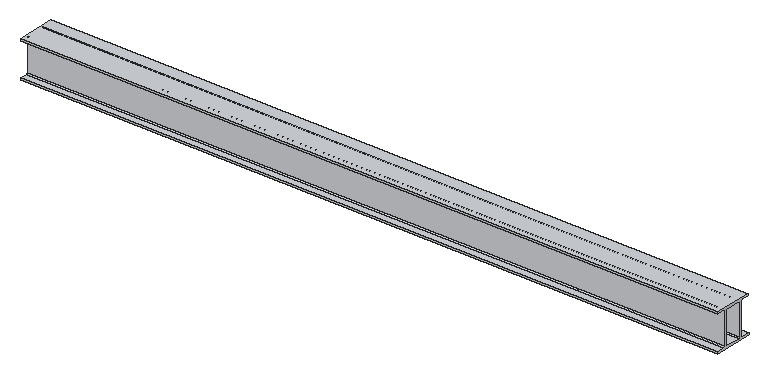
Revit family "2IPE160", category Structural Framing, Revit 2018
Family settings
  Section Shape = I-shape Parallel Flange
  Material for Model Behavior = Steel
  Always export as geometry = No
  OmniClass Number = 23.25.30.11.14.14
  OmniClass Title = Beams
  Always vertical = Yes
  Cut with Voids When Loaded = No
  Symbolic Representation = From Family
  Shared = No
  Show family pre-cut in plan views = Yes
Parameters
  Length [instance] = 3000 mm
Reference planes
  plane 1 "Center (Front/Back)": y = 0
  plane 2 "Center Elevation": z = 0
  plane 3 "Center (Left/Right)": x = 0
  plane 4 "Left": x = -1500
  plane 5 "Member Left": x = -1250
  plane 6 "Stick Symbol Left": x = -1000
  plane 7 "Right": x = 1500
  plane 8 "Member Right": x = 1250
  plane 9 "Stick Symbol Right": x = 1000
Forms (mm)
  Sweep 1, solid
    path origin (0, 0, 0) x (1, 0, 0) y (0, 1, 0)
      loop
        line (1500, 0) -> (-1500, 0)
    profile origin (0, 0, 0) x (0, -1, 0) y (0, 0, 1)
      loop
        line (0, 80) -> (-82, 80) -> (-82, 72.597) -> (-47.892, 72.597)
        arc (-47.892, 72.597) -> (-44.811, 71.28) -> (-43.494, 68.2) r 4.5
        line (-43.494, 68.2) -> (-43.494, 0) -> (-43.494, -68.2)
        arc (-43.494, -68.2) -> (-44.811, -71.28) -> (-47.892, -72.597) r 4.5
        line (-47.892, -72.597) -> (-82, -72.597) -> (-82, -80) -> (0, -80) -> (82, -80) -> (82, -72.597) -> (47.892, -72.597)
        arc (47.892, -72.597) -> (44.811, -71.28) -> (43.494, -68.2) r 4.5
        line (43.494, -68.2) -> (43.494, 0) -> (43.494, 68.2)
        arc (43.494, 68.2) -> (44.811, 71.28) -> (47.892, 72.597) r 4.5
        line (47.892, 72.597) -> (82, 72.597) -> (82, 80) -> (0, 80)
      loop
        arc (38.494, 68.433) -> (37.105, 71.362) -> (34.108, 72.597) r 4.5
        line (34.108, 72.597) -> (0, 72.597) -> (-34.108, 72.597)
        arc (-34.108, 72.597) -> (-37.105, 71.362) -> (-38.494, 68.433) r 4.5
        line (-38.494, 68.433) -> (-38.494, 0) -> (-38.494, -68.433)
        arc (-38.494, -68.433) -> (-37.105, -71.362) -> (-34.108, -72.597) r 4.5
        line (-34.108, -72.597) -> (0, -72.597) -> (34.108, -72.597)
        arc (34.108, -72.597) -> (37.105, -71.362) -> (38.494, -68.433) r 4.5
        line (38.494, -68.433) -> (38.494, 0) -> (38.494, 68.433)
Lines and regions (mm)
  model lines, style "Stick Symbols", detail levels coarse
    curve 1: line (-1000, 0, 0) -> (1000, 0, 0)
Dimensions and locks
  equal spacing: plane 4 "Left", plane 3 "Center (Left/Right)", plane 7 "Right"
  "Length": plane 4 "Left" to plane 7 "Right"
  aligned and locked: plane 1 "Center (Front/Back)" to curve 1
  aligned and locked: plane 6 "Stick Symbol Left" to curve 1
  aligned and locked: plane 9 "Stick Symbol Right" to curve 1
  aligned and locked: level to plane 2 "Center Elevation"
Automatic sketch dimensions
  plane 1 "Center (Front/Back)" to Sweep 1 sketch curve = 0 mm
  Sweep 1 sketch curve to plane 4 "Left" = 0 mm
  Sweep 1 sketch curve to plane 7 "Right" = 0 mm
  Sweep 1 sketch curve to level = 0 mm  (x4)
  Sweep 1 sketch curve to profile plane = 0 mm  (x4)
  profile plane to Sweep 1 sketch curve = 34.007 mm  (x2)
  Sweep 1 sketch curve to Sweep 1 sketch curve = 0.101 mm  (x8)
  profile plane to Sweep 1 sketch curve = 38.494 mm
  Sweep 1 sketch curve to Sweep 1 sketch curve = 5 mm  (x2)
  Sweep 1 sketch curve to Sweep 1 sketch curve = 4.398 mm  (x4)
  Sweep 1 sketch curve to Sweep 1 sketch curve = 4.499 mm  (x4)
  Sweep 1 sketch curve to Sweep 1 sketch curve = 34.108 mm  (x4)
  Sweep 1 sketch curve to profile plane = 34.007 mm  (x2)
  Sweep 1 sketch curve to Sweep 1 sketch curve = 4.488 mm
  Sweep 1 sketch curve to level = 68.098 mm  (x2)
  Sweep 1 sketch curve to Sweep 1 sketch curve = 0 mm  (x5)
  Sweep 1 sketch curve to Sweep 1 sketch curve = 0.334 mm  (x2)
  Sweep 1 sketch curve to Sweep 1 sketch curve = 7.403 mm  (x2)
  level to Sweep 1 sketch curve = 68.098 mm
